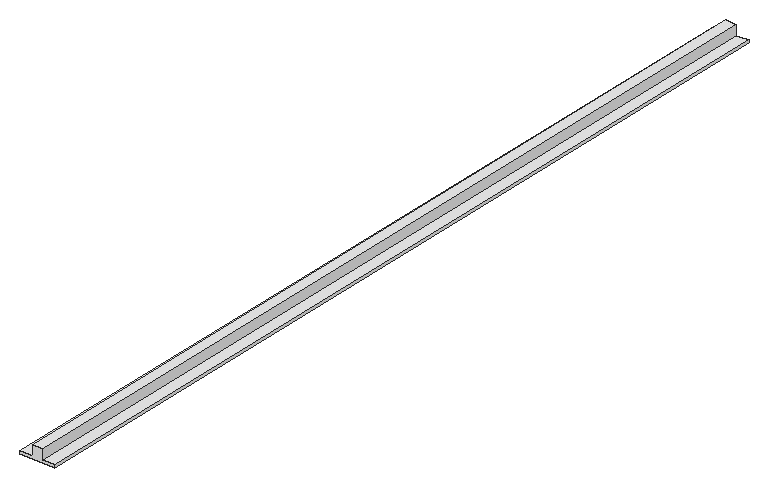
Revit family "Door-Hardware_Hinge_Hager_Roton-Continuous-Geared", category Specialty Equipment, Revit 2026
Family settings
  Round Connector Dimension = Use Diameter
  Part Type = Normal
  Classification Number = 23.30.40.24.11
  Work Plane-Based = Yes
  Enable Cutting in Views = No
  Always vertical = No
  Cut with Voids When Loaded = No
  Maintain Annotation Orientation = No
  Shared = Yes
  Room Calculation Point = No
Parameters
  Warranty Duration (Years) = 0
  Unit Length [instance] = 6' - 0"
  URL = "http://www.hagerco.com/"
  Suggested Use = "as Specified"
  Standards Conformance = "as Specified"
  Specification = "http://www.arcat.com/sdspecs/htm04/08_71_00hco.htm"
  SpecWizard = ""
  Send Message = ""
  Sales Information = "http://www.hagerco.com/contact-us.aspx"
  Revision = "R1_2015-10"
  Restrictions = "as Specified"
  Product Properties = ""
  Product Data = "http://www.arcat.com/arcatcos/cos32/arc32922.html"
  Model = "As Specified"
  Manufacturer Website = "http://www.hagerco.com/"
  Manufacturer Phone - Toll Free = "800-325-9995"
  Manufacturer Phone = "314-772-4400"
  Manufacturer Fax = "800-782-0149"
  Manufacturer Address = "139 Victor St.  St. Louis, MO 63104"
  Manufacturer = "Hager Companies"
  Maintenance Schedule (Months) = 0
  Keynote = "087100"
  Installation-Fabrication = ""
  Installation Phase = ""
  Hinge Extend Right = 0' - 1"
  Hinge Extend Left = 0' - 1"
  Hinge Design = Hinge : Hinge
  Green Building-LEED = ""
  Gear Width = 0' - 0 7/8"
  Gear Depth = 0' - 1"
  Fixture Finish [instance] = Metal - Standard US Finish as Specified
  Expected Lifespan (Years) = 0
  Drawn By = "Sumex Design, Inc. / Robert S. Weygant, CSI, CDT, SCIP"
  Description = ""
  Default Elevation = 0' - 0"
  Copyright = "©Arcat Inc."
  Construction Details = ""
  Clearance Required = 0' - 0"
  Capacity = "as Specified"
  Available Options = "as Specified"
  Assembly Code = "C1020410"
  Air Space Below Door [instance] = 0' - 0 1/2"
Reference planes (in)
  plane 1 "CL": y = -4.25
  plane 2 "Bottom": z = 0
  plane 3 "Center Rig": x = 0
  plane 4: y = 32
  plane 5: y = -40.5
  plane 6: y = -40
Dimensions and locks (in)
  equal spacing: plane 4, plane 1 "CL", plane 5
  "Unit Length": plane 4 to plane 6
  "Air Space Below Door": plane 6 to plane 5
  aligned and locked: plane 3 "Center Rig" to nested 1
Nested families (in)
  nested 1: "Hinge" at (0, -40, 0), type <- "Hinge Design", length <- "Unit Length", finish <- "Fixture Finish", gear width <- "Gear Width", gear depth <- "Gear Depth", Hinge Extend Right <- "Hinge Extend Right", Hinge Extend Left <- "Hinge Extend Left", type "Hinge"
    with width 0' - 3.82271", length 6' - 0", gear width 0' - 0 7/8", gear depth 0' - 1", finish Metal - Standard US Finish as Specified, Hinge Extend Right 0' - 1", Hinge Extend Left 0' - 1"
Definition of nested family "Hinge"
  Parameters
    width [instance] = 0' - 3.82271"
    length [instance] = 4' - 0"
    gear width [instance] = 0' - 3.82271"
    gear depth [instance] = 0' - 1"
    finish [instance] = none
    Hinge Extend Right [instance] = 0' - 2 3/4"
    Hinge Extend Left [instance] = 0' - 2 1/4"
    Default Elevation = 0' - 0"
    Assembly Code = ""
  Reference planes (in)
    plane 1 "Center (Front/Back)": y = 0
    plane 2: z = 0
    plane 3 "Center (Left/Right)": x = 0
    plane 4: y = 48
    plane 5: x = -1.91136
    plane 6: x = 1.91136
    plane 7: x = 4.66136
    plane 8: x = -4.16136
  Forms (in)
    Extrusion 1, solid, material <- "finish"
      sketch origin (0, 0, 0) x (1, 0, 0) y (0, 0, 1)
        loop
          line (-1.91136, 0) -> (1.91136, 0) -> (1.91136, 1) -> (-1.91136, 1) -> (-1.91136, 0)
      from -48 to 0
    Extrusion 2, solid, material <- "finish"
      sketch origin (0, 0, 0) x (1, 0, 0) y (0, 0, 1)
        loop
          line (4.66136, 0.1875) -> (-4.16136, 0.1875) -> (-4.16136, 0) -> (4.66136, 0) -> (4.66136, 0.1875)
      from 0 to -48
  Cuts and joins
    joined: Extrusion 1, Extrusion 2
  Dimensions and locks (in)
    "length": plane 1 "Center (Front/Back)" to plane 4
    equal spacing: plane 6, plane 3 "Center (Left/Right)", plane 5
    "gear width": plane 6 to plane 5
    "gear depth": Extrusion 1 sketch curve to level
    "Hinge Extend Left": plane 5 to plane 8
    "Hinge Extend Right": plane 7 to plane 6
    locked: Extrusion 2 sketch curve to plane 2 at 0.1875
    aligned and locked: plane 2 to level
    aligned and locked: plane 4 to Extrusion 1
    aligned and locked: plane 1 "Center (Front/Back)" to Extrusion 1
    aligned and locked: Extrusion 1 sketch curve to plane 5
    aligned and locked: Extrusion 1 sketch curve to plane 6
    aligned and locked: plane 7 to Extrusion 2 sketch curve
    aligned and locked: Extrusion 2 sketch curve to plane 8
    aligned and locked: plane 4 to Extrusion 2
    aligned and locked: plane 1 "Center (Front/Back)" to Extrusion 2
  Automatic sketch dimensions
    Extrusion 1 sketch curve to level = 0' - 0"
    Extrusion 2 sketch curve to level = 0' - 0"
